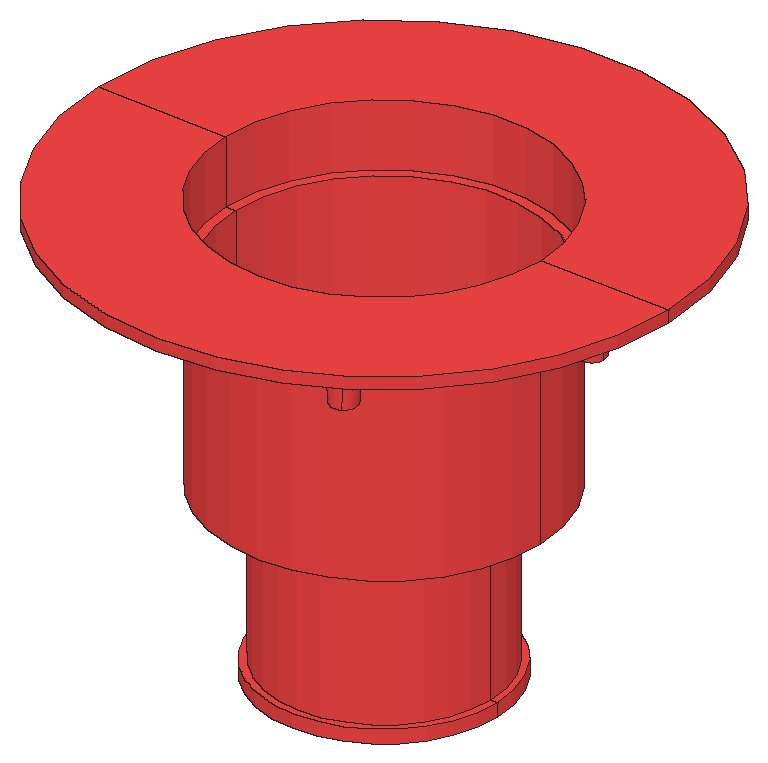
Revit family "HL_Трапы для внутренних помещений_HL310NKSML.50", category Instalační zařizovací předměty, Revit 2016
Family settings
  Typ součásti = Normální
  Kóta kulaté spojky = Použít průměr
  Číslo OmniClass = 23.70.50.21.24.14
  Nadpis OmniClass = Deck Waste Water Drains
  Založené na pracovní rovině = Ne
  Vždy vertikální = Ano
  Ořezat dutým tvarem při načtení = Ne
  Sdílené = Ano
  Bod výpočtu místnosti = Ano
Parameters (values of type "HL310NKSML/50")
  РАЗМЕР = "DN50"
  ПРОПУСКНАЯ СПОСОБНОСТЬ = 0.0 L/s
  ПРОИЗВОДИТЕЛЬНОСТЬ = ">0,5 l/s"
  ПРАВОВАЯ ИНФОРМАЦИЯ = "Авторские права(©), права на дизайн или какие либо другие права интелектуальной собственности являются исключительной собственностью компании HL Hutterer & Lechner. Изменению не подлежит. Файл семейства с данными о прозводителе изделия защищен паролем с водяным знаком."  # constant formula
  НОМИНАЛЬНЫЙ ДИАМЕТР = 50 mm
  МАТЕРИАЛ = "PE"
  ВЫСОТА МОНТАЖА = "144 mm"
  ВЕС = "0,33 [kg]"
  Připojení ventilace = no
  Výrobce = "HL Hutterer & Lechner GmbH"  # constant formula
  URL = "http://www.hutterer-lechner.com/ru/Products/catalog/floor-drains/attachments/HL310NKSML/50.aspx"
  Připojení odpadu = yes
  Připojení HW = no
  Popis = "Трапы для внутренних помещений"
  Model = "HL310NKSML/50"
  Komentáře k typům = "HL310NKSML/50 Корпус трапа для внутренних помещений DN50/75/110 вертикальный"
  Keynote = "HL310NKSML/50"
  Высота монтажа [instance] = 149 mm
  EAN = "9003076022878"
  Připojení CW = no
  B [instance] = Высота монтажа - 62.6 mm  # 86.4 mm
  A [instance] = if(B - 100 mm > 15 mm, B - 100 mm, 15 mm)  # 15 mm
Reference planes
  plane 1 "Center (Front/Back)": y = 0
  plane 2: z = 0
  plane 3 "Center (Left/Right)": x = 0
  plane 4 "Ball Joint Vertical": x = 25.45
  plane 5: z = -149
  plane 6: z = -86.4
  plane 7: z = -149
Forms (mm)
  Revolve 1, solid, material "Plactic - Red", detail levels fine
    sketch origin (0, 0, 0) x (1, 0, 0) y (0, 0, 1)
      loop
        line (55.371, 0) -> (55.371, -21.998) -> (51.956, -21.998) -> (51.956, -86.411) -> (19.877, -86.411) -> (19.877, -88.356) -> (22.014, -88.356) -> (22.014, -89.399) -> (34.438, -89.399) -> (34.438, -115.476) -> (27.484, -115.476) -> (27.484, -144.813) -> (34.462, -148.136) -> (34.462, -149) -> (40.002, -149) -> (40.002, -144.399) -> (37.563, -144.399) -> (37.563, -89.399) -> (54.992, -89.399) -> (54.992, -27.001) -> (58.347, -27.001) -> (58.347, -7.509) -> (93.022, -7.509) -> (93.022, -4.024) -> (100, -4.024) -> (100, 0) -> (55.371, 0)
      axis (0, 0) -> (0, -149)
    angle from 0 to 360
  Blend 2, solid, material "Plactic - Red", detail levels fine
    base sketch origin (-83.696, -1524, -149) x (-1, 0, 0) y (0, -1, 0)
      loop
        circle (-10.697, -1524) r 4.297
    top sketch origin (-83.696, -1524, -149) x (-1, 0, 0) y (0, -1, 0)
      loop
        circle (-10.697, -1524) r 5
    from 125.503 to 141.491
  Blend 3, solid, material "Plactic - Red", detail levels fine
    base sketch origin (-1361.671, -689.517, -149) x (-0.5, 0.866025, 0) y (-0.866025, -0.5, 0)
      loop
        circle (-10.697, -1524) r 4.297
    top sketch origin (-1361.671, -689.517, -149) x (-0.5, 0.866025, 0) y (-0.866025, -0.5, 0)
      loop
        circle (-10.697, -1524) r 5
    from 125.503 to 141.491
  Blend 4, solid, material "Plactic - Red", detail levels fine
    base sketch origin (-1361.671, 689.517, -149) x (-0.5, -0.866025, 0) y (0.866025, -0.5, 0)
      loop
        circle (-10.697, 1524) r 4.297
    top sketch origin (-1361.671, 689.517, -149) x (-0.5, -0.866025, 0) y (0.866025, -0.5, 0)
      loop
        circle (-10.697, 1524) r 5
    from 125.503 to 141.491
  Blend 5, solid, material "Plactic - Red", detail levels fine
    base sketch origin (83.696, -1524, -149) x (1, 0, 0) y (0, 1, 0)
      loop
        circle (-10.697, 1524) r 4.297
    top sketch origin (83.696, -1524, -149) x (1, 0, 0) y (0, 1, 0)
      loop
        circle (-10.697, 1524) r 5
    from 125.503 to 141.491
  Blend 6, solid, material "Plactic - Red", detail levels fine
    base sketch origin (1361.671, -689.517, -149) x (0.5, 0.866025, 0) y (-0.866025, 0.5, 0)
      loop
        circle (-10.697, 1524) r 4.297
    top sketch origin (1361.671, -689.517, -149) x (0.5, 0.866025, 0) y (-0.866025, 0.5, 0)
      loop
        circle (-10.697, 1524) r 5
    from 125.503 to 141.491
  Blend 7, solid, material "Plactic - Red", detail levels fine
    base sketch origin (1361.671, 689.517, -149) x (0.5, -0.866025, 0) y (0.866025, 0.5, 0)
      loop
        circle (-10.697, -1524) r 4.297
    top sketch origin (1361.671, 689.517, -149) x (0.5, -0.866025, 0) y (0.866025, 0.5, 0)
      loop
        circle (-10.697, -1524) r 5
    from 125.503 to 141.491
Lines and regions (mm)
  model lines, style "InvisibleLines"
    curve 1: line (0, 0, 0) -> (0, 0, 1000)
  reference lines
    curve 2: line (0, 0, -86.4) -> (0, 0, -149)
  model lines, detail levels coarse+medium
    curve 3: line (0, 0, -106.4) -> (0, 0, -71.4)
    curve 4: line (0, 0, -71.4) -> (71.4, 0, 0)
    curve 5: line (0, 0, -71.4) -> (-71.4, 0, 0)
  symbolic lines, detail levels coarse+medium
    curve 6: line (-75, 75, 0) -> (75, 75, 0)
    curve 7: line (-75, -75, 0) -> (-75, 75, 0)
    curve 8: line (75, -75, 0) -> (-75, -75, 0)
    curve 9: line (75, 75, 0) -> (75, -75, 0)
    curve 10: line (75, 75, 0) -> (145.711, 145.711, 0)
    curve 11: line (75, -75, 0) -> (145.711, -145.711, 0)
    curve 12: line (-75, 75, 0) -> (-145.711, 145.711, 0)
    curve 13: line (-75, -75, 0) -> (-145.711, -145.711, 0)
  symbolic lines, not visible, detail levels coarse+medium
    curve 14: line (-75, 75, 0) -> (75, 75, 0)
    curve 15: line (-75, -75, 0) -> (-75, 75, 0)
    curve 16: line (75, -75, 0) -> (-75, -75, 0)
    curve 17: line (75, 75, 0) -> (75, -75, 0)
    curve 18: line (75, 75, 0) -> (145.711, 145.711, 0)
    curve 19: line (75, -75, 0) -> (145.711, -145.711, 0)
    curve 20: line (-75, 75, 0) -> (-145.711, 145.711, 0)
    curve 21: line (-75, -75, 0) -> (-145.711, -145.711, 0)
Text (mm)
  text "ROOF/FLOOR" at (-198.233, 0, -26.556), in view "Drain Construction View"
Dimensions and locks
  locked: plane 4 "Ball Joint Vertical" to plane 3 "Center (Left/Right)" at 25.45
  "Высота монтажа": plane 2 to plane 5
  "A": curve 5 to plane 6
  "B": curve 5 to plane 6
  "B": curve 4 to plane 6
  "B": plane 2 to plane 6
  Revolve 1 sketch curve to Revolve 1 sketch curve to Revolve 1 sketch curve to Revolve 1 sketch curve to Revolve 1 sketch curve to Revolve 1 sketch curve to plane 7 = 4.024 mm locked, 3.484 mm locked, 19.492 mm locked, 62.398 mm locked, 55 mm locked, 4.601 mm locked
  equal spacing: Revolve 1 sketch curve, Revolve 1 sketch curve, Revolve 1 sketch curve, Revolve 1 sketch curve, Revolve 1 sketch curve, Revolve 1 sketch curve, plane 3 "Center (Left/Right)"
  locked: plane 3 "Center (Left/Right)" to Revolve 1 sketch curve at 100
  locked: curve 4 to plane 3 "Center (Left/Right)" (angle 45.00°)
  locked: plane 3 "Center (Left/Right)" to curve 5 (angle 45.00°)
  aligned and locked: level to plane 2
  aligned and locked: plane 2 to curve 1
  aligned and locked: plane 3 "Center (Left/Right)" to curve 1
  aligned and locked: plane 3 "Center (Left/Right)" to curve 2
  aligned and locked: curve 2 to curve 3
  aligned and locked: plane 3 "Center (Left/Right)" to curve 5
  aligned and locked: plane 7 to Revolve 1 sketch curve
  aligned and locked: plane 5 to plane 7
Automatic sketch dimensions
  plane 1 "Center (Front/Back)" to Blend 2 sketch curve = 0 mm  (x2)
  Blend 2 sketch curve to plane 3 "Center (Left/Right)" = 72.999 mm  (x2)
  Blend 3 sketch curve to plane 3 "Center (Left/Right)" = 36.499 mm  (x2)
  Blend 3 sketch curve to plane 1 "Center (Front/Back)" = 63.219 mm  (x2)
  Blend 4 sketch curve to plane 3 "Center (Left/Right)" = 36.499 mm  (x2)
  plane 1 "Center (Front/Back)" to Blend 4 sketch curve = 63.219 mm  (x2)
  plane 1 "Center (Front/Back)" to Blend 5 sketch curve = 0 mm  (x2)
  plane 4 "Ball Joint Vertical" to Blend 5 sketch curve = 47.549 mm  (x2)
  plane 4 "Ball Joint Vertical" to Blend 6 sketch curve = 11.049 mm  (x2)
  Blend 6 sketch curve to plane 1 "Center (Front/Back)" = 63.219 mm  (x2)
  plane 4 "Ball Joint Vertical" to Blend 7 sketch curve = 11.049 mm  (x2)
  plane 1 "Center (Front/Back)" to Blend 7 sketch curve = 63.219 mm  (x2)
  Revolve 1 sketch curve to plane 3 "Center (Left/Right)" = 0 mm
  Revolve 1 sketch curve to plane 4 "Ball Joint Vertical" = 5.573 mm
  Revolve 1 sketch curve to Revolve 1 sketch curve = 2.137 mm
  plane 4 "Ball Joint Vertical" to Revolve 1 sketch curve = 2.034 mm
  Revolve 1 sketch curve to Revolve 1 sketch curve = 6.954 mm
  plane 5 to Revolve 1 sketch curve = 0.864 mm
  Revolve 1 sketch curve to Revolve 1 sketch curve = 6.978 mm  (x2)
  Revolve 1 sketch curve to Revolve 1 sketch curve = 3.126 mm
  Revolve 1 sketch curve to Revolve 1 sketch curve = 2.438 mm
  Revolve 1 sketch curve to Revolve 1 sketch curve = 14.392 mm
  Revolve 1 sketch curve to Revolve 1 sketch curve = 3.036 mm
  Revolve 1 sketch curve to Revolve 1 sketch curve = 6.391 mm
  plane 5 to Revolve 1 sketch curve = 4.187 mm
  Revolve 1 sketch curve to Revolve 1 sketch curve = 26.078 mm
  Revolve 1 sketch curve to Revolve 1 sketch curve = 0 mm
  Revolve 1 sketch curve to Revolve 1 sketch curve = 1.043 mm
  Revolve 1 sketch curve to Revolve 1 sketch curve = 2.988 mm
  Revolve 1 sketch curve to Revolve 1 sketch curve = 5.003 mm
  Revolve 1 sketch curve to Revolve 1 sketch curve = 3.415 mm
  level to Revolve 1 sketch curve = 25 mm
  Revolve 1 sketch curve to plane 6 = 11 mm
  curve 2 to plane 5 = 0 mm
  curve 2 to plane 6 = 0 mm
  curve 3 to plane 6 = 20 mm
  level to curve 1 = 1000 mm
  radius of Blend 2 sketch curve = 4.297 mm
  radius of Blend 2 sketch curve = 5 mm
  radius of Blend 3 sketch curve = 4.297 mm
  radius of Blend 3 sketch curve = 5 mm
  radius of Blend 4 sketch curve = 4.297 mm
  radius of Blend 4 sketch curve = 5 mm
  radius of Blend 5 sketch curve = 4.297 mm
  radius of Blend 5 sketch curve = 5 mm
  radius of Blend 6 sketch curve = 4.297 mm
  radius of Blend 6 sketch curve = 5 mm
  radius of Blend 7 sketch curve = 4.297 mm
  radius of Blend 7 sketch curve = 5 mm
Connectors
  piping at (0, 0, -149), diameter 50, driven by "ПРОПУСКНАЯ СПОСОБНОСТЬ", driven by "НОМИНАЛЬНЫЙ ДИАМЕТР"
    settings: on curve 2, index 1, connector inside diameter 609.6 mm, connector length 0 mm, flow factor 0, pipe flow 0.0 L/s, pressure drop 0.0 Pa, fitting loss kfactor 0, connector angle 0.00°, fixture units 0, engagement length 0 mm, angle of deflection 0.00°, flow configuration 1, flow direction 2, fitting loss method 0, system type 16, joint type 0, gender type 0, connector reference index -1, connector utility 0, adjustable connector no, is connector primary yes, connector description ""
